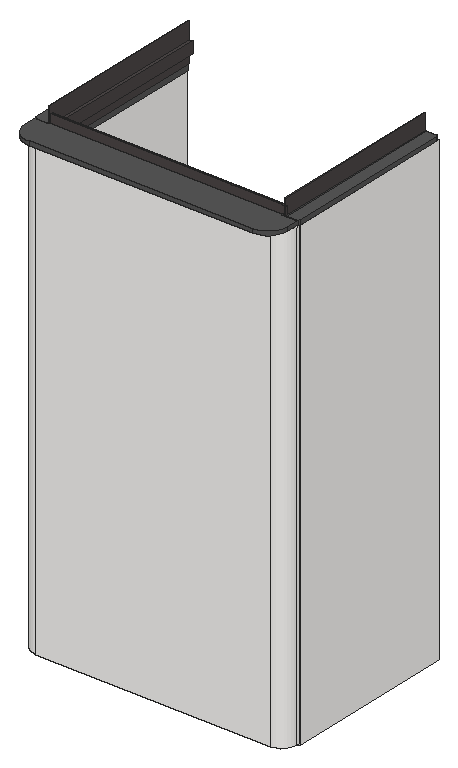
Revit family "vanity unit for handrinse basin, door hinge", category Furniture, Revit 2019 (continued)
Types (48, lengths in mm): name | Vanity unit 340_245 for handrinse basin, door hinge right-54018700-Dark Walnut-MATT_WHITE-400_RX0RY0RZ0TX0TY0TZ0_V | Vanity unit 340_245 for handrinse basin, door hinge right-54018700-Dark Walnut-MATT_WHITE-200_RX0RY0RZ0TX0TY0TZ0_V | Vanity unit 340_245 for handrinse basin, door hinge right-54018670-Dark Walnut-MATT_BLACK-400_RX0RY0RZ0TX0TY0TZ0_V | Vanity unit 340_245 for handrinse basin, door hinge right-54018670-Dark Walnut-MATT_BLACK-200_RX0RY0RZ0TX0TY0TZ0_V | Vanity unit 340_245 for handrinse basin, door hinge right-54018000-Dark Walnut-CHROME-400_RX0RY0RZ0TX0TY0TZ0_V | Vanity unit 340_245 for handrinse basin, door hinge right-54018000-Dark Walnut-CHROME-200_RX0RY0RZ0TX0TY0TZ0_V | Vanity unit 340_245 for handrinse basin, door hinge right-54017700-Natural Oak-MATT_WHITE-400_RX0RY0RZ0TX0TY0TZ0_V | Vanity unit 340_245 for handrinse basin, door hinge right-54017700-Natural Oak-MATT_WHITE-200_RX0RY0RZ0TX0TY0TZ0_V | Vanity unit 340_245 for handrinse basin, door hinge right-54017670-Natural Oak-MATT_BLACK-400_RX0RY0RZ0TX0TY0TZ0_V | Vanity unit 340_245 for handrinse basin, door hinge right-54017670-Natural Oak-MATT_BLACK-200_RX0RY0RZ0TX0TY0TZ0_V | Vanity unit 340_245 for handrinse basin, door hinge right-54017000-Natural Oak-CHROME-400_RX0RY0RZ0TX0TY0TZ0_V | Vanity unit 340_245 for handrinse basin, door hinge right-54017000-Natural Oak-CHROME-200_RX0RY0RZ0TX0TY0TZ0_V | Vanity unit 340_245 for handrinse basin, door hinge right-54016700-Diamond Matt Grey-MATT_WHITE-400_RX0RY0RZ0TX0TY0TZ0_V | Vanity unit 340_245 for handrinse basin, door hinge right-54016700-Diamond Matt Grey-MATT_WHITE-200_RX0RY0RZ0TX0TY0TZ0_V | Vanity unit 340_245 for handrinse basin, door hinge right-54016670-Diamond Matt Grey-MATT_BLACK-400_RX0RY0RZ0TX0TY0TZ0_V | Vanity unit 340_245 for handrinse basin, door hinge right-54016670-Diamond Matt Grey-MATT_BLACK-200_RX0RY0RZ0TX0TY0TZ0_V | Vanity unit 340_245 for handrinse basin, door hinge right-54016000-Diamond Matt Grey-CHROME-400_RX0RY0RZ0TX0TY0TZ0_V | Vanity unit 340_245 for handrinse basin, door hinge right-54016000-Diamond Matt Grey-CHROME-200_RX0RY0RZ0TX0TY0TZ0_V | Vanity unit 340_245 for handrinse basin, door hinge right-54015700-High Gloss White-MATT_WHITE-400_RX0RY0RZ0TX0TY0TZ0_V | Vanity unit 340_245 for handrinse basin, door hinge right-54015700-High Gloss White-MATT_WHITE-200_RX0RY0RZ0TX0TY0TZ0_V | Vanity unit 340_245 for handrinse basin, door hinge right-54015670-High Gloss White-MATT_BLACK-400_RX0RY0RZ0TX0TY0TZ0_V | Vanity unit 340_245 for handrinse basin, door hinge right-54015670-High Gloss White-MATT_BLACK-200_RX0RY0RZ0TX0TY0TZ0_V | Vanity unit 340_245 for handrinse basin, door hinge right-54015000-High Gloss White-CHROME-400_RX0RY0RZ0TX0TY0TZ0_V | Vanity unit 340_245 for handrinse basin, door hinge right-54015000-High Gloss White-CHROME-200_RX0RY0RZ0TX0TY0TZ0_V | Vanity unit 340_245 for handrinse basin, door hinge left-54014700-Dark Walnut-MATT_WHITE-400_RX0RY0RZ0TX0TY0TZ0_V | Vanity unit 340_245 for handrinse basin, door hinge left-54014700-Dark Walnut-MATT_WHITE-200_RX0RY0RZ0TX0TY0TZ0_V | Vanity unit 340_245 for handrinse basin, door hinge left-54014670-Dark Walnut-MATT_BLACK-400_RX0RY0RZ0TX0TY0TZ0_V | Vanity unit 340_245 for handrinse basin, door hinge left-54014670-Dark Walnut-MATT_BLACK-200_RX0RY0RZ0TX0TY0TZ0_V | Vanity unit 340_245 for handrinse basin, door hinge left-54014000-Dark Walnut-CHROME-400_RX0RY0RZ0TX0TY0TZ0_V | Vanity unit 340_245 for handrinse basin, door hinge left-54014000-Dark Walnut-CHROME-200_RX0RY0RZ0TX0TY0TZ0_V | Vanity unit 340_245 for handrinse basin, door hinge left-54013700-Natural Oak-MATT_WHITE-400_RX0RY0RZ0TX0TY0TZ0_V | Vanity unit 340_245 for handrinse basin, door hinge left-54013700-Natural Oak-MATT_WHITE-200_RX0RY0RZ0TX0TY0TZ0_V | Vanity unit 340_245 for handrinse basin, door hinge left-54013670-Natural Oak-MATT_BLACK-400_RX0RY0RZ0TX0TY0TZ0_V | Vanity unit 340_245 for handrinse basin, door hinge left-54013670-Natural Oak-MATT_BLACK-200_RX0RY0RZ0TX0TY0TZ0_V | Vanity unit 340_245 for handrinse basin, door hinge left-54013000-Natural Oak-CHROME-400_RX0RY0RZ0TX0TY0TZ0_V | Vanity unit 340_245 for handrinse basin, door hinge left-54013000-Natural Oak-CHROME-200_RX0RY0RZ0TX0TY0TZ0_V | Vanity unit 340_245 for handrinse basin, door hinge left-54012700-Diamond Matt Grey-MATT_WHITE-400_RX0RY0RZ0TX0TY0TZ0_V | Vanity unit 340_245 for handrinse basin, door hinge left-54012700-Diamond Matt Grey-MATT_WHITE-200_RX0RY0RZ0TX0TY0TZ0_V | Vanity unit 340_245 for handrinse basin, door hinge left-54012670-Diamond Matt Grey-MATT_BLACK-400_RX0RY0RZ0TX0TY0TZ0_V | Vanity unit 340_245 for handrinse basin, door hinge left-54012670-Diamond Matt Grey-MATT_BLACK-200_RX0RY0RZ0TX0TY0TZ0_V | Vanity unit 340_245 for handrinse basin, door hinge left-54012000-Diamond Matt Grey-CHROME-400_RX0RY0RZ0TX0TY0TZ0_V | Vanity unit 340_245 for handrinse basin, door hinge left-54012000-Diamond Matt Grey-CHROME-200_RX0RY0RZ0TX0TY0TZ0_V | Vanity unit 340_245 for handrinse basin, door hinge left-54011700-High Gloss White-MATT_WHITE-400_RX0RY0RZ0TX0TY0TZ0_V | Vanity unit 340_245 for handrinse basin, door hinge left-54011700-High Gloss White-MATT_WHITE-200_RX0RY0RZ0TX0TY0TZ0_V | Vanity unit 340_245 for handrinse basin, door hinge left-54011670-High Gloss White-MATT_BLACK-400_RX0RY0RZ0TX0TY0TZ0_V | Vanity unit 340_245 for handrinse basin, door hinge left-54011670-High Gloss White-MATT_BLACK-200_RX0RY0RZ0TX0TY0TZ0_V | Vanity unit 340_245 for handrinse basin, door hinge left-54011000-High Gloss White-CHROME-400_RX0RY0RZ0TX0TY0TZ0_V | Vanity unit 340_245 for handrinse basin, door hinge left-54011000-High Gloss White-CHROME-200_RX0RY0RZ0TX0TY0TZ0_V | SURFACE | PRODUCTURL | PERMALINK | OBERFLAECHE | NB | NAME | Model | MIdent | LODLEVEL | LINA | GTINCODE | BASENUMBER | ARTNR
  Vanity unit 340_245 for handrinse basin, door hinge right-54018700-Dark Walnut-MATT_WHITE-400 | yes | no | no | no | no | no | no | no | no | no | no | no | no | no | no | no | no | no | no | no | no | no | no | no | no | no | no | no | no | no | no | no | no | no | no | no | no | no | no | no | no | no | no | no | no | no | no | no | "MATT_WHITE" | "https://pro.hansgrohe.com/articledetail--54018000" | "54018XXX" | "Dark Walnut" | "Vanity unit 340/245 for handrinse basin, door hinge right-54018700-Dark Walnut-MATT_WHITE-400" | "Xelu Q Vanity unit Dark Walnut 340/245 for handrinse basin, door hinge right" | "Vanity unit 340/245 for handrinse basin, door hinge right-54018700-Dark Walnut-MATT_WHITE-400" | "{$CADENAS_DATA/23d-libs/hansgrohe/xelu_furniture/vanity_unit_with_door_hinge/vanity_unit_for_handrinse_basin_with_door_hing.prj},372 {VTYP=3D},{NB=Vanity unit 340/245 for handrinse basin, door hinge right-54018700-Dark Walnut-MATT_WHITE-400},{LINA=Vanity unit 340/245 for handrinse basin, door hinge right-54018700-Dark Walnut-MATT_WHITE-400},{NN=Vanity Unit for handrinse basin, door hinge},{DATE=13.03.2023 09:26:03},{GEOMDATE=13.03.2023 09:26:00},{VERSION=},{LINEID=230},{WBVAR=LODLEVEL},{WBNUMERIC=}  {NB=Vanity unit 340/245 for handrinse basin, door hinge right-54018700-Dark Walnut-MATT_WHITE-400},{LINA=Vanity unit 340/245 for handrinse basin, door hinge right-54018700-Dark Walnut-MATT_WHITE-400},{KT=DUMMY},{IDNR=23},{ARTNR=54018700},{BASENUMBER=Vanity unit 340/245 for handrinse basin, door hinge right},{MODEL=54018XXX},{OBERFLAECHE=Dark Walnut},{SURFACE=MATT_WHITE},{L=340},{LODLEVEL=400},{LODLEVELX='400','400','200','200'},{NAME=Xelu Q Vanity unit Dark Walnut 340/245 for handrinse basin, door hinge right},{PERMALINK=54018XXX},{OBJECTTYPE=Object (single object)},{BIMOBJECT=Sanitary: Compound units},{PRODUCTFAMILY=Xelu Q},{PRODUCTGROUP=vanity unit},{WEIGHT=9.9},{DESCRIPTION=Xelu Q Vanity unit Dark Walnut 340/245 for handrinse basin, door hinge right},{SPECIFICATION=},{PRODUCTURL=https://pro.hansgrohe.com/articledetail--54018000},{GTINCODE=4059625455319},{TENDERURL=},{IFC=Furnishing element},{ETIM=EC011381 | Bathroom furniture set},{UNICLASS2015=Pr_40_30_78_05 | Bathroom furniture},{OMNICLASS=23-21 19 15 33 13 | Residential Bathroom Specialty Casework},{MASTERFORMAT=12 35 30.23 | Bathroom Casework},{UNSPSC=56 | Furniture and Furnishings},{UNIFORMATII=E2010 | Fixed Furnishings},{REGIONSET=Worldwide},{DESIGN=Germany},{MANUFACTURER=Germany}" | "400" | "Vanity unit 340/245 for handrinse basin, door hinge right-54018700-Dark Walnut-MATT_WHITE-400" | "4059625455319" | "Vanity unit 340/245 for handrinse basin, door hinge right" | "54018700"
